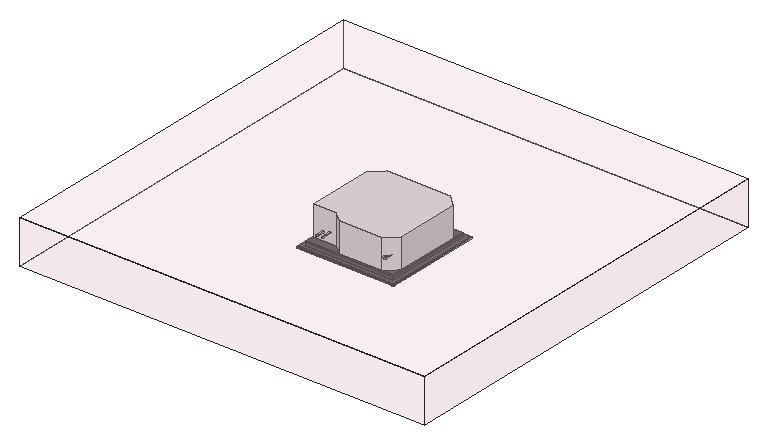
Revit family "Hitachi_Silent-iconic-design-white_LOD400", category Mechanical Equipment, Revit 2018
Family settings
  Round Connector Dimension = Use Diameter
  Classification = None
  Part Type = Normal
  OmniClass Number = 23.75.70.00
  OmniClass Title = HVAC Distribution Devices
  Work Plane-Based = No
  Always vertical = Yes
  Cut with Voids When Loaded = No
  Shared = No
  Room Calculation Point = No
Parameters (values of type "RCI-6.0FSRP + P-GP160NAP")
  Uniformat code = "D3040"
  Uniformat = "Distribution Systems"
  Sound Pressure Level (hi) = 49
  Sound Pressure Level (Me) = 45
  Sound Pressure Level (Lo) = 49
  Sound Pressure Level (Hi2) = 51
  Refrigerant Type = ""
  Object type = ""
  Nominal Heating Capacity = 18000 W
  Nominal Cooling Capacity = 16000 W
  Clearance Zone [instance] = yes
  Reference description = "Standard (Natural White)"
  Reference = "RCI-6.0FSRP + P-GP160NAP"
  RCI Height = 298 mm
  Product Code = "RCI-6.0FSRP + P-GP160NAP"
  Overall width = 950 mm
  Overall height = 328 mm
  Overall depth = 950 mm
  Outlet Diameter = 32 mm
  OmniClass description = "Air Handling Units"
  OmniClass code = "23-33 25 00"
  Number of Phases = 1
  Nominal Voltage = 230 V
  Net Weight = 34.50 kg
  Name BIM&CO = "Indoor Unit"
  Model = "4-way cassette Design Panel Silent-Iconic (Standard White)"
  Minimum AC Voltage = 207 V
  Maximum AC Voltage = 253 V
  Masterformat Code = "23 73 00"
  MasterFormat = "Indoor Central-Station Air-Handling Units"
  Liquid Diameter = 9.52 mm
  Indoor fan - Air Flow Rate (Me) = 1680.0 m³/h
  Indoor fan - Air Flow Rate (Lo) = 1320.0 m³/h
  Indoor fan - Air Flow Rate (Hi2) = 2220.0 m³/h
  Indoor fan - Air Flow Rate (Hi) = 2100.0 m³/h
  Gas Diameter = 15.88 mm
  GTIN (Global Trade Item Number) = ""
  Frequency = 50 Hz
  Manufacturer = "Hitachi Air Conditioning Europe SAS"
  Connection type = "flare-nut connection"
  BIM&CO code = ""
  BC_VARIANT_ID = "963881"
  BC_OBJECT_VERSION = "#2"  # constant formula
  BC_OBJECT_ID = "428630"  # constant formula
  BC_MODEL_ID = "1194575"  # constant formula
Types (8, lengths in mm): name | Sound Pressure Level (hi) | Sound Pressure Level (Me) | Sound Pressure Level (Lo) | Sound Pressure Level (Hi2) | Nominal Heating Capacity | Nominal Cooling Capacity | Reference | RCI Height | Product Code | Net Weight | Liquid Diameter | Indoor fan - Air Flow Rate (Me) | Indoor fan - Air Flow Rate (Lo) | Indoor fan - Air Flow Rate (Hi2) | Indoor fan - Air Flow Rate (Hi) | Gas Diameter | BC_VARIANT_ID
  RCI-1.0FSRP + P-GP160NAP | 32 | 30 | 29 | 35 | 3200 W | 2800 W | "RCI-1.0FSRP + P-GP160NAP" | 248 | "RCI-1.0FSRP + P-GP160NAP" | 28.50 kg | 6.35 | 660.0 m³/h | 540.0 m³/h | 900.0 m³/h | 780.0 m³/h | 12.7 | "963874"
  RCI-1.5FSRP + P-GP160NAP | 33 | 32 | 29 | 37 | 4800 W | 4000 W | "RCI-1.5FSRP + P-GP160NAP" | 248 | "RCI-1.5FSRP + P-GP160NAP" | 29.50 kg | 6.35 | 840.0 m³/h | 660.0 m³/h | 1200.0 m³/h | 960.0 m³/h | 12.7 | "963875"
  RCI-2.0FSRP + P-GP160NAP | 34 | 32 | 30 | 39 | 6300 W | 5600 W | "RCI-2.0FSRP + P-GP160NAP" | 248 | "RCI-2.0FSRP + P-GP160NAP" | 29.50 kg | 6.35 | 840.0 m³/h | 720.0 m³/h | 1320.0 m³/h | 1020.0 m³/h | 12.7 | "963876"
  RCI-2.5FSRP + P-GP160NAP | 39 | 35 | 31 | 45 | 8500 W | 7100 W | "RCI-2.5FSRP + P-GP160NAP" | 248 | "RCI-2.5FSRP + P-GP160NAP" | 30.50 kg | 9.52 | 1080.0 m³/h | 840.0 m³/h | 1620.0 m³/h | 1260.0 m³/h | 15.88 | "963877"
  RCI-3.0FSRP + P-GP160NAP | 38 | 34 | 32 | 43 | 9000 W | 8000 W | "RCI-3.0FSRP + P-GP160NAP" | 298 | "RCI-3.0FSRP + P-GP160NAP" | 34.50 kg | 9.52 | 1080.0 m³/h | 900.0 m³/h | 1620.0 m³/h | 1380.0 m³/h | 15.88 | "963878"
  RCI-4.0FSRP + P-GP160NAP | 46 | 41 | 35 | 51 | 12500 W | 11200 W | "RCI-4.0FSRP + P-GP160NAP" | 298 | "RCI-4.0FSRP + P-GP160NAP" | 34.50 kg | 9.52 | 1440.0 m³/h | 1200.0 m³/h | 2160.0 m³/h | 1860.0 m³/h | 15.88 | "963879"
  RCI-5.0FSRP + P-GP160NAP | 48 | 43 | 37 | 51 | 16000 W | 14000 W | "RCI-5.0FSRP + P-GP160NAP" | 298 | "RCI-5.0FSRP + P-GP160NAP" | 34.50 kg | 9.52 | 1560.0 m³/h | 1260.0 m³/h | 2220.0 m³/h | 1980.0 m³/h | 15.88 | "963880"
  RCI-6.0FSRP + P-GP160NAP | 49 | 45 | 49 | 51 | 18000 W | 16000 W | "RCI-6.0FSRP + P-GP160NAP" | 298 | "RCI-6.0FSRP + P-GP160NAP" | 34.50 kg | 9.52 | 1680.0 m³/h | 1320.0 m³/h | 2220.0 m³/h | 2100.0 m³/h | 15.88 | "963881"
Reference planes
  plane 1 "Centre (avant/arrière)": y = 0
  plane 2: z = 0
  plane 3 "Centre (gauche/droite)": x = 0
  plane 4: x = -475
  plane 5: x = 475
  plane 6: y = 475
  plane 7: y = -475
  plane 8: z = 28
  plane 9: y = 366.5
  plane 10: y = -366.5
  plane 11: x = -366.5
  plane 12: x = 366.5
  plane 13: z = 326
  plane 14: z = 426
Forms (mm)
  Extrusion 1, solid, material "Hitachi-Steel-White"
    sketch origin (0, 0, -3) x (-1, 0, 0) y (0, 0, 1)
      loop
        line (316.25, -28.5) -> (308.75, -28.5) -> (308.75, -48.5) -> (316.25, -48.5) -> (316.25, -28.5)
      loop
        line (366.25, -28.5) -> (358.75, -28.5) -> (358.75, -48.5) -> (366.25, -48.5) -> (366.25, -28.5)
      loop
        line (341.25, -28.5) -> (333.75, -28.5) -> (333.75, -48.5) -> (341.25, -48.5) -> (341.25, -28.5)
      loop
        line (291.25, -28.5) -> (283.75, -28.5) -> (283.75, -48.5) -> (291.25, -48.5) -> (291.25, -28.5)
      loop
        line (216.25, -28.5) -> (208.75, -28.5) -> (208.75, -48.5) -> (216.25, -48.5) -> (216.25, -28.5)
      loop
        line (266.25, -28.5) -> (258.75, -28.5) -> (258.75, -48.5) -> (266.25, -48.5) -> (266.25, -28.5)
      loop
        line (241.25, -28.5) -> (233.75, -28.5) -> (233.75, -48.5) -> (241.25, -48.5) -> (241.25, -28.5)
      loop
        line (191.25, -28.5) -> (183.75, -28.5) -> (183.75, -48.5) -> (191.25, -48.5) -> (191.25, -28.5)
      loop
        line (116.25, -28.5) -> (108.75, -28.5) -> (108.75, -48.5) -> (116.25, -48.5) -> (116.25, -28.5)
      loop
        line (166.25, -28.5) -> (158.75, -28.5) -> (158.75, -48.5) -> (166.25, -48.5) -> (166.25, -28.5)
      loop
        line (141.25, -28.5) -> (133.75, -28.5) -> (133.75, -48.5) -> (141.25, -48.5) -> (141.25, -28.5)
      loop
        line (91.25, -28.5) -> (83.75, -28.5) -> (83.75, -48.5) -> (91.25, -48.5) -> (91.25, -28.5)
      loop
        line (16.25, -28.5) -> (8.75, -28.5) -> (8.75, -48.5) -> (16.25, -48.5) -> (16.25, -28.5)
      loop
        line (66.25, -28.5) -> (58.75, -28.5) -> (58.75, -48.5) -> (66.25, -48.5) -> (66.25, -28.5)
      loop
        line (41.25, -28.5) -> (33.75, -28.5) -> (33.75, -48.5) -> (41.25, -48.5) -> (41.25, -28.5)
      loop
        line (-316.25, -28.5) -> (-316.25, -48.5) -> (-308.75, -48.5) -> (-308.75, -28.5) -> (-316.25, -28.5)
      loop
        line (-366.25, -28.5) -> (-366.25, -48.5) -> (-358.75, -48.5) -> (-358.75, -28.5) -> (-366.25, -28.5)
      loop
        line (-341.25, -28.5) -> (-341.25, -48.5) -> (-333.75, -48.5) -> (-333.75, -28.5) -> (-341.25, -28.5)
      loop
        line (-291.25, -28.5) -> (-291.25, -48.5) -> (-283.75, -48.5) -> (-283.75, -28.5) -> (-291.25, -28.5)
      loop
        line (-216.25, -28.5) -> (-216.25, -48.5) -> (-208.75, -48.5) -> (-208.75, -28.5) -> (-216.25, -28.5)
      loop
        line (-266.25, -28.5) -> (-266.25, -48.5) -> (-258.75, -48.5) -> (-258.75, -28.5) -> (-266.25, -28.5)
      loop
        line (-241.25, -28.5) -> (-241.25, -48.5) -> (-233.75, -48.5) -> (-233.75, -28.5) -> (-241.25, -28.5)
      loop
        line (-191.25, -28.5) -> (-191.25, -48.5) -> (-183.75, -48.5) -> (-183.75, -28.5) -> (-191.25, -28.5)
      loop
        line (-116.25, -28.5) -> (-116.25, -48.5) -> (-108.75, -48.5) -> (-108.75, -28.5) -> (-116.25, -28.5)
      loop
        line (-166.25, -28.5) -> (-166.25, -48.5) -> (-158.75, -48.5) -> (-158.75, -28.5) -> (-166.25, -28.5)
      loop
        line (-141.25, -28.5) -> (-141.25, -48.5) -> (-133.75, -48.5) -> (-133.75, -28.5) -> (-141.25, -28.5)
      loop
        line (-91.25, -28.5) -> (-91.25, -48.5) -> (-83.75, -48.5) -> (-83.75, -28.5) -> (-91.25, -28.5)
      loop
        line (-16.25, -28.5) -> (-16.25, -48.5) -> (-8.75, -48.5) -> (-8.75, -28.5) -> (-16.25, -28.5)
      loop
        line (-66.25, -28.5) -> (-66.25, -48.5) -> (-58.75, -48.5) -> (-58.75, -28.5) -> (-66.25, -28.5)
      loop
        line (-41.25, -28.5) -> (-41.25, -48.5) -> (-33.75, -48.5) -> (-33.75, -28.5) -> (-41.25, -28.5)
    from -366.5 to 366.5
  Sweep 2, solid, material "Hitachi-Plastic-Black"
    path origin (0, 0, 0) x (1, 0, 0) y (0, 1, 0)
      loop
        line (-475, 475) -> (-475, -475) -> (475, -475) -> (475, 475) -> (-475, 475)
    profile origin (-475, 0, 0) x (1, 0, 0) y (0, 0, 1)
      loop
        line (0, -3) -> (0.996, -14.347)
        arc (0.996, -14.347) -> (1.577, -15.524) -> (2.8, -16) r 1.811
        line (2.8, -16) -> (49, -16) -> (49, -20) -> (107.5, -20) -> (107.5, -24.5) -> (108.5, -24.5) -> (117, -27.9) -> (117, -29.5) -> (108.5, -29.5) -> (108.5, -31.5) -> (203.947, -31.5) -> (203.947, 40) -> (49.035, 40) -> (49.035, 29.684) -> (46.438, 0) -> (8.343, 0) -> (8.343, -3) -> (0, -3)
  Extrusion 3, solid, material "Hitachi-Plastic-Black"
    sketch origin (0, 0, 0) x (1, 0, 0) y (0, 1, 0)
      loop
        line (-271.053, 271.053) -> (-271.053, -271.053) -> (271.053, -271.053) -> (271.053, 271.053) -> (-271.053, 271.053)
    from -24.5 to 40
Cuts and joins
  joined: Sweep 2, Extrusion 3
Dimensions and locks
  equal spacing: plane 4, plane 3 "Centre (gauche/droite)", plane 5
  "Overall width": plane 4 to plane 5
  equal spacing: plane 6, plane 1 "Centre (avant/arrière)", plane 7
  "Overall depth": plane 6 to plane 7
  locked: plane 8 to plane 2 at 28
  locked: plane 14 to plane 13 at 100
  "RCI Height": plane 13 to plane 8
  aligned and locked: level to plane 2
  aligned and locked: Sweep 2 sketch curve to plane 4
  aligned and locked: Sweep 2 sketch curve to plane 6
  aligned and locked: plane 5 to Sweep 2 sketch curve
  aligned and locked: Sweep 2 sketch curve to plane 7
  aligned and locked: plane 3 "Centre (gauche/droite)" to nested 1
  aligned and locked: plane 1 "Centre (avant/arrière)" to nested 1
Automatic sketch dimensions
  plane 11 to Extrusion 3 sketch curve = 95.447 mm
  Extrusion 3 sketch curve to plane 12 = 95.447 mm
  plane 10 to Extrusion 3 sketch curve = 95.447 mm
  Extrusion 3 sketch curve to plane 9 = 95.447 mm
  Extrusion 1 sketch curve to plane 12 = 0.25 mm
  Extrusion 1 sketch curve to Extrusion 1 sketch curve = 7.5 mm  (x29)
  Extrusion 1 sketch curve to Extrusion 1 sketch curve = 17.5 mm  (x26)
  plane 3 "Centre (gauche/droite)" to Extrusion 1 sketch curve = 16.25 mm
  Extrusion 1 sketch curve to plane 3 "Centre (gauche/droite)" = 8.75 mm
  plane 11 to Extrusion 1 sketch curve = 7.75 mm
  plane 11 to Extrusion 1 sketch curve = 0.25 mm
  Extrusion 1 sketch curve to level = 51.5 mm  (x5)
  Extrusion 1 sketch curve to Extrusion 1 sketch curve = 0 mm  (x45)
  Extrusion 1 sketch curve to Extrusion 1 sketch curve = 20 mm  (x10)
  profile plane to Sweep 2 sketch curve = 0 mm
  Sweep 2 sketch curve to level = 0 mm
  Sweep 2 sketch curve to profile plane = 0.996 mm
  Sweep 2 sketch curve to Sweep 2 sketch curve = 1.804 mm
  Sweep 2 sketch curve to profile plane = 8.343 mm
  Sweep 2 sketch curve to level = 20 mm
  Sweep 2 sketch curve to Sweep 2 sketch curve = 40.657 mm
  Sweep 2 sketch curve to profile plane = 49.035 mm
  Sweep 2 sketch curve to Sweep 2 sketch curve = 58.5 mm
  Sweep 2 sketch curve to level = 24.5 mm
  Sweep 2 sketch curve to Sweep 2 sketch curve = 1 mm
  Sweep 2 sketch curve to Sweep 2 sketch curve = 0 mm
  Sweep 2 sketch curve to Sweep 2 sketch curve = 8.5 mm
  Sweep 2 sketch curve to level = 31.5 mm
  Sweep 2 sketch curve to Sweep 2 sketch curve = 86.947 mm
  Sweep 2 sketch curve to Sweep 2 sketch curve = 2 mm
  Sweep 2 sketch curve to Sweep 2 sketch curve = 1.6 mm
  Sweep 2 sketch curve to Sweep 2 sketch curve = 4 mm
  Sweep 2 sketch curve to Sweep 2 sketch curve = 1.653 mm
  Sweep 2 sketch curve to level = 3 mm
  level to Sweep 2 sketch curve = 40 mm
  Sweep 2 sketch curve to Sweep 2 sketch curve = 2.562 mm
  Sweep 2 sketch curve to Sweep 2 sketch curve = 10.316 mm
Nested families
  nested 1: "Cassette 800 x 800 RCI FSR" at (0, 0, 28), type "Cassette 800 x 800 RCI FSR"
    with Overall height 298 mm
  nested 2: "BC_Clearance-zone" at (0, 1164.917, -51.5), visible <- "Clearance Zone", type "BC_Clearance-zone"
    with Width 3950 mm, Height 427.5 mm, Depth 3950 mm
Connectors
  piping at (-325, -420, 118), diameter 609.6
    settings: on nested 1, index 1, connector inside diameter 609.6 mm, connector length 0 mm, flow factor 0, pipe flow 0.0 L/s, pressure drop 0.0 Pa, fitting loss kfactor 0, connector angle 0.00°, fixture units 0, engagement length 0 mm, angle of deflection 0.00°, flow configuration 0, flow direction 0, fitting loss method 0, system type 7, joint type 0, gender type 0, connector reference index -1, connector utility 0, adjustable connector no, is connector primary yes, connector description ""
  piping at (-260, -430, 135), diameter 9.5
    settings: on nested 1, index 2, connector inside diameter 609.6 mm, connector length 0 mm, flow factor 0, pipe flow 0.0 L/s, pressure drop 0.0 Pa, fitting loss kfactor 0, connector angle 0.00°, fixture units 0, engagement length 0 mm, angle of deflection 0.00°, flow configuration 0, flow direction 0, fitting loss method 0, system type 7, joint type 0, gender type 0, connector reference index -1, connector utility 0, adjustable connector no, is connector primary no, connector description ""
  piping at (338, -420, 162), diameter 25
    settings: on nested 1, index 3, connector inside diameter 609.6 mm, connector length 0 mm, flow factor 0, pipe flow 0.0 L/s, pressure drop 0.0 Pa, fitting loss kfactor 0, connector angle 0.00°, fixture units 0, engagement length 0 mm, angle of deflection 0.00°, flow configuration 0, flow direction 0, fitting loss method 0, system type 7, joint type 0, gender type 0, connector reference index -1, connector utility 0, adjustable connector no, is connector primary no, connector description ""
  electrical at (0.274, -40.571, 326), driven by "Nominal Voltage"
    settings: on nested 1, index 4, voltage 230 V, apparent load 0 VA, apparent load phase1 0 VA, apparent load phase2 0 VA, apparent load phase3 0 VA, power factor 1, load classification "Autre", number of poles 1, system type 31, power factor state 1, is connector primary yes, connector utility no, sub classification motor no, connector description ""
Definition of nested family "Cassette 800 x 800 RCI FSR"
  Parameters (values of type "Cassette 800 x 800 RCI FSR")
    URL = ""
    Overall height = 248 mm
    Outlet Diameter = 25 mm
    Liquid Diameter = 6.35 mm
    Gas Diameter = 12.7 mm
    Description = "Standard Cassette 800*800.Individual control setting for each louver. Suitable up to 4,2 m height under ceiling . Optional motion sensor"
    Model = "Cassette 800 x 800 RCI FSR"
    Manufacturer = "Hitachi Air Conditioning Europe SAS"
    Default Elevation = 1219.2 mm
    Type Comments = ""
  Reference planes
    plane 1 "Centre (avant/arrière)": y = 0
    plane 2: z = 0
    plane 3 "Centre (gauche/droite)": x = 0
    plane 4 "Back": y = 420
    plane 5 "Right": x = 420
    plane 6 "Left": x = -420
    plane 7 "Front": y = -420
    plane 8: z = 0
    plane 9 "Top": z = 248
  Forms (mm)
    Extrusion 1, solid
      sketch origin (0, 0, 0) x (1, 0, 0) y (0, 1, 0)
        loop
          line (-306.863, 420) -> (-420, 306.863) -> (-420, -336) -> (-204.8, -336) -> (-99.6, -420) -> (306.863, -420) -> (420, -306.863) -> (420, 306.863) -> (306.863, 420) -> (-306.863, 420)
      from 248 to 0
    Extrusion 2, solid
      sketch origin (55, -336, -18) x (-1, 0, 0) y (0, 0, -1)
        loop
          circle (380, -108) r 6.35
      from 0 to 84
    Extrusion 3, solid
      sketch origin (0, -336, 16) x (-1, 0, 0) y (0, 0, -1)
        loop
          circle (260, -91) r 3.175
      from 0 to 94
    Extrusion 4, solid
      sketch origin (0, -336, 148) x (-1, 0, 0) y (0, 0, -1)
        loop
          circle (-338, 14) r 12.5
      from 0 to 84
  Dimensions and locks
    equal spacing: plane 6 "Left", plane 3 "Centre (gauche/droite)", plane 5 "Right"
    equal spacing: plane 7 "Front", plane 1 "Centre (avant/arrière)", plane 4 "Back"
    plane 6 "Left" to plane 5 "Right" = 840 mm
    plane 4 "Back" to plane 7 "Front" = 840 mm
    "Overall height": plane 9 "Top" to plane 8
    locked: Extrusion 4 sketch curve to plane 8 at 134
    locked: Extrusion 2 sketch curve to plane 8 at 90
    locked: Extrusion 3 sketch curve to plane 8 at 107
    "Gas Diameter": diameter of Extrusion 2 sketch curve
    "Liquid Diameter": diameter of Extrusion 3 sketch curve
    "Outlet Diameter": diameter of Extrusion 4 sketch curve
    aligned and locked: Extrusion 1 sketch curve to plane 7 "Front"
    aligned and locked: Extrusion 1 sketch curve to plane 5 "Right"
    aligned and locked: Extrusion 1 sketch curve to plane 4 "Back"
    aligned and locked: plane 7 "Front" to Extrusion 1 sketch curve
    aligned and locked: Extrusion 1 to plane 9 "Top"
    aligned and locked: Extrusion 1 to plane 8
  Automatic sketch dimensions
    Extrusion 1 sketch curve to plane 6 "Left" = 0 mm
    plane 6 "Left" to Extrusion 1 sketch curve = 113.137 mm
    plane 7 "Front" to Extrusion 1 sketch curve = 84 mm
    plane 3 "Centre (gauche/droite)" to Extrusion 1 sketch curve = 204.8 mm
    plane 3 "Centre (gauche/droite)" to Extrusion 1 sketch curve = 99.6 mm
    plane 5 "Right" to Extrusion 1 sketch curve = 113.137 mm  (x2)
    plane 4 "Back" to Extrusion 1 sketch curve = 113.137 mm  (x2)
    plane 7 "Front" to Extrusion 1 sketch curve = 113.137 mm
    Extrusion 2 sketch curve to plane 6 "Left" = 95 mm
    Extrusion 3 sketch curve to plane 6 "Left" = 160 mm
    Extrusion 4 sketch curve to plane 5 "Right" = 82 mm
Definition of nested family "BC_Clearance-zone"
  Parameters (values of type "BC_Clearance-zone")
    Width [instance] = 2500 mm
    Height [instance] = 1400 mm
    Depth [instance] = 1600 mm
  Reference planes
    plane 1 "Centre (avant/arrière)": y = 0
    plane 2: z = 0
    plane 3 "Centre (gauche/droite)": x = 0
    plane 4: x = -1250
    plane 5: x = 1250
    plane 6: y = 810.083
    plane 7: y = -789.917
    plane 8: z = 1400
  Forms (mm)
    Extrusion 1, solid
      sketch origin (0, 0, 0) x (1, 0, 0) y (0, 1, 0)
        loop
          line (-1250, 810.083) -> (-1250, -789.917) -> (1250, -789.917) -> (1250, 810.083) -> (-1250, 810.083)
      from 0 to 1400
  Lines and regions (mm)
    symbolic lines
      curve 1: line (0, 810.083, 1400) -> (0, -789.917, 1400)
      curve 2: line (0, 810.083, 0) -> (0, 810.083, 1400)
      curve 3: line (0, -789.917, 0) -> (0, 810.083, 0)
      curve 4: line (0, -789.917, 1400) -> (0, -789.917, 0)
      curve 5: line (-1250, 0, 1400) -> (1250, 0, 1400)
      curve 6: line (-1250, 0, 0) -> (-1250, 0, 1400)
      curve 7: line (1250, 0, 0) -> (-1250, 0, 0)
      curve 8: line (1250, 0, 1400) -> (1250, 0, 0)
      curve 9: line (-1250, 810.083, 0) -> (1250, 810.083, 0)
      curve 10: line (-1250, -789.917, 0) -> (-1250, 810.083, 0)
      curve 11: line (1250, -789.917, 0) -> (-1250, -789.917, 0)
      curve 12: line (1250, 810.083, 0) -> (1250, -789.917, 0)
  Dimensions and locks
    equal spacing: plane 4, plane 3 "Centre (gauche/droite)", plane 5
    "Width": plane 4 to plane 5
    plane 6 to plane 1 "Centre (avant/arrière)" to plane 7 = 810.083 mm, 789.917 mm
    "Depth": plane 6 to plane 7
    "Height": plane 8 to plane 2
    aligned and locked: level to plane 2
    aligned and locked: Extrusion 1 sketch curve to plane 6
    aligned and locked: plane 5 to Extrusion 1 sketch curve
    aligned and locked: plane 7 to Extrusion 1 sketch curve
    aligned and locked: plane 4 to Extrusion 1 sketch curve
    aligned and locked: plane 8 to Extrusion 1
    aligned and locked: curve 1 to plane 8
    aligned and locked: plane 2 to curve 3
    aligned and locked: plane 7 to curve 4
    aligned and locked: curve 2 to plane 6
  Automatic sketch dimensions
    curve 7 to level = 0 mm
    curve 7 to plane 4 = 0 mm
    plane 5 to curve 7 = 0 mm
    curve 6 to plane 8 = 0 mm
    curve 11 to plane 4 = 0 mm
    curve 11 to plane 5 = 0 mm
    curve 11 to plane 7 = 0 mm
    curve 10 to plane 6 = 0 mm
